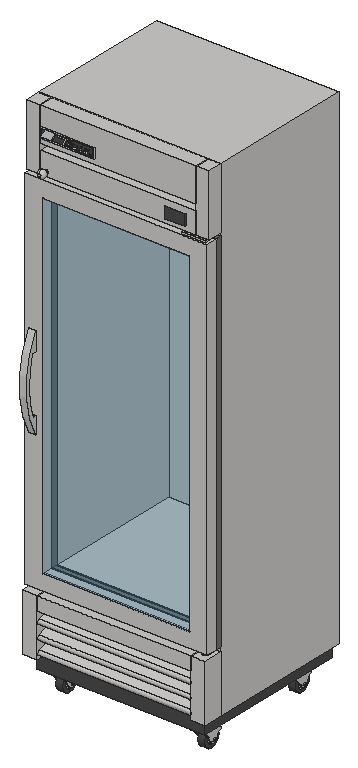
Revit family "QF_TRUE_T-19G-HC~FGD01", category Specialty Equipment, Revit 2015
Parameters
  Weight in Pounds = 275
  Watts = if(Phase = 3, Volts * FL Amps * 1.73, Volts * FL Amps)  # 253 W
  Volts = 115 V
  URL Cutsheet = ""
  Specification by User = ""
  Specification by Manufacturer = ""
  Show 6 Inches Standard Legs [instance] = no
  Show 6 Inches Seismic Flanged Legs [instance] = no
  Overall Height [instance] = Body Height + Base Height  # 78 15/16"
  Body Height = 75 1/2"
  6 Inches Seismic Flanged Legs [instance] = and(Show 6 Inches Seismic Flanged Legs, not(Show 3.5 Inches Casters))  # no
  6 Inches Standard Legs [instance] = and(Show 6 Inches Standard Legs, not(Show 3.5 Inches Casters))  # no
  Show 3.5 Inches Casters [instance] = if(Show 6 Inches Seismic Flanged Legs, Show 6 Inches Standard Legs, not(Show 6 Inches Standard Legs))  # yes
  Serial Number = ""
  Seismic Rating = ""
  SMACNA No = ""
  Revision Code = ""
  Phase = 1
  Number of Poles = 1
  NAFEM Spec ID Number = ""
  Model = "T-19G-HC~FGD01"
  Min Ckt Ampacity = 0 A
  Max Overcurrent Protection = 0 A
  Masterspec = ""
  Manufacturer = "TRUE"
  Length = 27"
  Item Number = ""
  Installed By = ""
  Identify Quantity as Lot = yes
  Height = 78 15/16"
  HP = "1/4"
  Furnished By = ""
  Foodservice Equipment Identifier = yes
  FL Amps = 2.2 A
  Electrical Remarks = ""
  Electric Connection Type = ""
  Elec Conn RI Height = 0"
  Elec Conn Connection Height = 0"
  Description = "REACH-IN GLASS SWING DOOR REFRIGERATOR WITH HYDROCARBON REFRIGERANT~FRAMED GLASS DOOR VERSION 01"
  Depth = 26 13/16"
  Cycle = 60 Hz
  Conn Plug = "NEMA 5-15P"
  Conn Conduit = yes
  CSI MasterFormat = ""
  Base Height [instance] = if(Show 3.5 Inches Casters, 3 7/16", 6")  # 3 7/16"
  Apparent Power = if(Phase = 3, Volts * FL Amps * 1.73, Volts * FL Amps)  # 253 VA
Reference planes (in)
  plane 1 "BACK": y = 0
  plane 2: z = 0
  plane 3 "LEFT": x = 0
  plane 4 "RIGHT": x = 27
  plane 5 "FRONT": y = -26.8125
  plane 6 "TOP": z = 3.4375
  plane 7 "Center Y": x = 13.5
  plane 8 "Center X": y = -13.40625
  plane 9: x = 24.01346
  plane 10: z = 78.9375
Dimensions and locks (in)
  equal spacing: plane 3 "LEFT", plane 7 "Center Y", plane 4 "RIGHT"
  "Length": plane 3 "LEFT" to plane 4 "RIGHT"
  equal spacing: plane 5 "FRONT", plane 8 "Center X", plane 1 "BACK"
  "Depth": plane 5 "FRONT" to plane 1 "BACK"
  "Base Height": plane 6 "TOP" to level
  "Body Height": plane 10 to plane 6 "TOP"
  "Overall Height": plane 10 to plane 2
  aligned and locked: plane 2 to level
  aligned and locked: nested 1 to plane 6 "TOP"
Nested families (in)
  nested 1: "QF_TRUE_T-19G-HC-FGD01" at (0, 0, 3.4375), type "T-19G-HCFGD01"
    with Show Logo yes, Show Clearance yes
  nested 2: "RANDELL_L6_C3.5" at (2.98654, -21.77779, 0), Show 6 Inches Legs <- "6 Inches Standard Legs", Show 3.5 Inches Casters <- "Show 3.5 Inches Casters", Seismic Flanged <- "6 Inches Seismic Flanged Legs", type "RANDELL_L6_C3.5"
    with Type Mark "", Specification by User "", Show Key Lock no, Show 6 Inches Legs no, Show 3.5 Inches Casters yes, Seismic Flanged no, Revision Code "", Item Number "", Installed By "", Identify Quantity as Lot yes, Furnished By "", Foodservice Equipment Identifier yes, Base Height 6"
  nested 3: "RANDELL_L6_C3.5" at (24.01346, -21.77779, 0), Show 6 Inches Legs <- "6 Inches Standard Legs", Show 3.5 Inches Casters <- "Show 3.5 Inches Casters", Seismic Flanged <- "6 Inches Seismic Flanged Legs", type "RANDELL_L6_C3.5"
    with Type Mark "", Specification by User "", Show Key Lock no, Show 6 Inches Legs no, Show 3.5 Inches Casters yes, Seismic Flanged no, Revision Code "", Item Number "", Installed By "", Identify Quantity as Lot yes, Furnished By "", Foodservice Equipment Identifier yes, Base Height 6"
  nested 4: "RANDELL_L6_C3.5" at (2.98654, -5.03471, 0), Show 6 Inches Legs <- "6 Inches Standard Legs", Show 3.5 Inches Casters <- "Show 3.5 Inches Casters", Seismic Flanged <- "6 Inches Seismic Flanged Legs", type "RANDELL_L6_C3.5"
    with Type Mark "", Specification by User "", Show Key Lock no, Show 6 Inches Legs no, Show 3.5 Inches Casters yes, Seismic Flanged no, Revision Code "", Item Number "", Installed By "", Identify Quantity as Lot yes, Furnished By "", Foodservice Equipment Identifier yes, Base Height 6"
  nested 5: "RANDELL_L6_C3.5" at (24.01346, -5.03471, 0), Show 6 Inches Legs <- "6 Inches Standard Legs", Show 3.5 Inches Casters <- "Show 3.5 Inches Casters", Seismic Flanged <- "6 Inches Seismic Flanged Legs", type "RANDELL_L6_C3.5"
    with Type Mark "", Specification by User "", Show Key Lock no, Show 6 Inches Legs no, Show 3.5 Inches Casters yes, Seismic Flanged no, Revision Code "", Item Number "", Installed By "", Identify Quantity as Lot yes, Furnished By "", Foodservice Equipment Identifier yes, Base Height 6"
Connectors (in)
  electrical at (12.40625, 0.25, 5.87463), driven by "Volts", driven by "Watts"
    settings: on nested 1, index 1, voltage 115 V, apparent load 253 VA, apparent load phase1 0 VA, apparent load phase2 0 VA, apparent load phase3 0 VA, power factor 1, load classification "Other", number of poles 1, system type 30, power factor state 1, is connector primary yes, connector utility no, sub classification motor no, connector description "ELECTRICAL CONNECTION"
Definition of nested family "QF_TRUE_T-19G-HC-FGD01"
  Parameters (values of type "T-19G-HCFGD01")
    Weight in Pounds = 0
    Watts = if(Phase = 3, Volts * FL Amps * 1.73, Volts * FL Amps)  # 0 W
    Volts = 0 V
    URL Cutsheet = ""
    Specification by User = ""
    Specification by Manufacturer = ""
    Show Logo [instance] = yes
    Show Clearance [instance] = yes
    Serial Number = ""
    Seismic Rating = ""
    SMACNA No = ""
    Revision Code = ""
    Phase = 0
    Number of Poles = 1
    NAFEM Spec ID Number = ""
    Model = "T-12FG-HC~FGD01"
    Min Ckt Ampacity = 0 A
    Max Overcurrent Protection = 0 A
    Masterspec = ""
    Manufacturer = "TRUE"
    Length = 27"
    Item Number = ""
    Installed By = ""
    Identify Quantity as Lot = yes
    Height = 75 1/2"
    HP = ""
    Furnished By = ""
    Foodservice Equipment Identifier = yes
    FL Amps = 0 A
    Electrical Remarks = ""
    Electric Connection Type = ""
    Elec Conn RI Height = 0"
    Elec Conn Connection Height = 0"
    Description = ""
    Depth = 26 13/16"
    Cycle = 0 Hz
    Conn Plug = ""
    Conn Conduit = yes
    CSI MasterFormat = ""
    Apparent Power = if(Phase = 3, Volts * FL Amps * 1.73, Volts * FL Amps)  # 0 VA
  Reference planes (in)
    plane 1 "BACK": y = 0
    plane 2: z = 0
    plane 3 "LEFT": x = 0
    plane 4 "RIGHT": x = 27
    plane 5 "FRONT": y = -26.8125
    plane 6 "TOP": z = 75.5
    plane 7 "Center Y": x = 13.5
    plane 8 "Center X": y = -13.40625
    plane 9: y = -24.5
    plane 10: y = -50.21875
  Forms (in)
    Extrusion 1, solid
      sketch origin (0, 0, -3.4375) x (0, 1, 0) y (0, 0, 1)
        loop
          line (-23.89755, 5.6875) -> (-23.89755, 3.4375) -> (-0.49192, 3.4375) -> (-0.49192, 5.6875) -> (-23.89755, 5.6875)
      from 1.05258 to 25.94742
    Extrusion 2, solid
      sketch origin (0, 0, 59.09193) x (0, 0, -1) y (-1, 0, 0)
        loop
          circle (56.6548, -12.40625) r 0.25
      from 0 to 0.25
    Extrusion 3, solid
      sketch origin (0, -22.25, 2.25) x (0, 0, 1) y (-1, 0, 0)
        loop
          line (9.12447, 0) -> (9.12447, -27) -> (63.62685, -27) -> (63.62685, 0) -> (9.12447, 0)
        loop
          line (11.37447, -2.57422) -> (11.37447, -24.42578) -> (61.30263, -24.42578) -> (61.30263, -2.57422) -> (11.37447, -2.57422)
      from 0.88884 to 2.57713
    Extrusion 4, solid
      sketch origin (0, -11.5, -3.4375) x (0, 1, 0) y (0, 0, 1)
        loop
          line (-13.71875, 14.1539) -> (-13.71875, 12.11379) -> (-10.75, 12.11379) -> (-10.75, 14.1539) -> (-13.71875, 14.1539)
        loop
          line (-13.20993, 6.1461) -> (-10.75, 7.09038) -> (-10.75, 7.89373) -> (-13.4787, 6.84628)
          arc (-13.4787, 6.84628) -> (-13.69441, 6.3618) -> (-13.20993, 6.1461) r 0.375
        loop
          line (-13.20993, 10.25547) -> (-10.75, 11.19975) -> (-10.75, 12.00311) -> (-13.4787, 10.95566)
          arc (-13.4787, 10.95566) -> (-13.69441, 10.47118) -> (-13.20993, 10.25547) r 0.375
        loop
          line (-13.20993, 8.19586) -> (-10.75, 9.14013) -> (-10.75, 9.94349) -> (-13.4787, 8.89604)
          arc (-13.4787, 8.89604) -> (-13.69441, 8.41156) -> (-13.20993, 8.19586) r 0.375
      from 2.10981 to 24.89019
    Extrusion 5, solid
      sketch origin (0, -24.82713, 2.25) x (0, 0, 1) y (-1, 0, 0)
        loop
          line (61.30263, -2.57422) -> (11.37447, -2.57422) -> (11.37447, -24.42578) -> (61.30263, -24.42578) -> (61.30263, -2.57422)
      from 0 to -0.25
    Extrusion 6, solid
      sketch origin (27, -22.25, 11.37447) x (0, 1, 0) y (1, 0, 0)
        loop
          line (0, -1.157) -> (0, -0.21392) -> (-2.06523, -0.25589)
          arc (-2.06523, -0.25589) -> (-2.48736, -0.68546) -> (-2.06523, -1.11503) r 0.42963
          line (-2.06523, -1.11503) -> (0, -1.157)
        loop
          circle (-2.05773, -0.68546) r 0.25
      from 0 to 0.22057
    Extrusion 7, solid
      sketch origin (27, -22.25, 11.37447) x (0, 1, 0) y (1, 0, 0)
        loop
          circle (-2.05773, -0.68546) r 0.25
      from 0 to 0.31257
    Extrusion 8, solid
      sketch origin (0, 0, -3.4375) x (0, 1, 0) y (0, 0, 1)
        loop
          line (-24.5, 78.9375) -> (-24.5, 69.80912) -> (-22.25, 69.80912) -> (-22.25, 78.9375) -> (-24.5, 78.9375)
      from 0 to 1.90515
    Extrusion 9, solid
      sketch origin (0, 0, -3.4375) x (0, 1, 0) y (0, 0, 1)
        loop
          line (-24.5, 72.9375) -> (-24.5, 69.80912) -> (-22.25, 69.80912) -> (-22.25, 72.9375) -> (-24.5, 72.9375)
        loop
          line (-24.5, 73.9375) -> (-22.25, 73.9375) -> (-22.25, 78.9375) -> (-24.5, 78.9375) -> (-24.5, 73.9375)
      from 1.90515 to 25.09485
    Extrusion 10, solid
      sketch origin (2.625, -12.48036, 55.03916) x (0, 0, 1) y (0, 1, 0)
        loop
          arc (-12.00573, -13.36969) -> (-16.29868, -13.98814) -> (-20.56823, -13.2247) r 13.61111
          line (-20.56823, -13.2247) -> (-20.56823, -12.68605) -> (-23.11286, -12.68605)
          arc (-23.11286, -12.68605) -> (-16.19922, -14.33214) -> (-9.28558, -12.68605) r 15.34178
          line (-9.28558, -12.68605) -> (-12.00573, -12.68605) -> (-12.00573, -13.36969)
      from 0.77133 to 1.84742
    Extrusion 11, solid
      sketch origin (0, 9.5, -0.60715) x (0, -1, 0) y (0, 0, 1)
        loop
          line (31.76964, 11.32355) -> (31.76964, 2.85715) -> (34.73839, 2.85715) -> (34.73839, 11.32355) -> (31.76964, 11.32355)
      from -2.10981 to 0
    Revolve 12, solid
      sketch origin (2.8125, 0.58969, -3.15625) x (0, 1, 0) y (0, 0, 1)
        loop
          line (-26.21193, 70.08568) -> (-25.08969, 70.08568) -> (-25.08969, 70.38048) -> (-25.29687, 70.38048) -> (-25.29687, 70.44449) -> (-25.41402, 70.44449)
          arc (-25.41402, 70.44449) -> (-25.84599, 70.63218) -> (-26.21193, 70.33568) r 0.45393
          line (-26.21193, 70.33568) -> (-26.21193, 70.08568)
        axis (-26.21193, 70.08568) -> (-25.08969, 70.08568)
      angle from 0 to 360
    Extrusion 13, solid
      sketch origin (0, 0, -3.4375) x (0, 1, 0) y (0, 0, 1)
        loop
          line (0, 17.70886) -> (-0.49192, 17.70886) -> (-0.49192, 7.1875) -> (0, 7.1875) -> (0, 17.70886)
        loop
          line (-0.5, 7.08999) -> (-0.5, 4.13763) -> (0, 4.13763) -> (0, 7.08999) -> (-0.5, 7.08999)
      from 1.05258 to 23.84813
    Extrusion 14, solid
      sketch origin (0, -24.5, 70.5) x (0, 0, 1) y (-1, 0, 0)
        loop
          line (-1.87607, -20.5494) -> (-3.51594, -20.5494) -> (-3.51594, -23.49734) -> (-1.87607, -23.49734) -> (-1.87607, -20.5494)
      from 0 to 0.0625
    Extrusion 15, solid, visible <- "Show Clearance", detail levels coarse
      sketch origin (0, 0, 0) x (1, 0, 0) y (0, 1, 0)
        loop
          arc (0.00341, -24.82713) -> (7.9222, -43.43579) -> (27, -50.14599) r 25.07217
          line (27, -50.14599) -> (27, -24.82713) -> (0.00341, -24.82713)
      from 11.37447 to 65.87685
    Revolve 16, solid
      sketch origin (11.9375, 0, 5) x (1, 0, 0) y (0, 1, 0)
        loop
          line (11.08374, 0) -> (11.52576, 0) -> (11.52576, 0.2304) -> (11.08374, 0.2304) -> (11.08374, 0)
        axis (11.08374, 0) -> (11.08374, 0.2304)
      angle from 0 to 360
    Revolve 17, solid
      sketch origin (12.875, 0, 5) x (-1, 0, 0) y (0, -1, 0)
        loop
          line (11.08374, 0) -> (11.08374, -0.2304) -> (11.52576, -0.2304) -> (11.52576, 0) -> (11.08374, 0)
        axis (11.08374, 0) -> (11.08374, -0.2304)
      angle from 0 to 360
    Extrusion 18, solid
      sketch origin (27, 0, 0) x (0, -1, 0) y (0, 0, 1)
        loop
          line (24.5, 75.5) -> (22.25, 75.5) -> (22.25, 66.37162) -> (24.5, 66.37162) -> (24.5, 75.5)
      from 0 to 1.90515
    Extrusion 19, solid
      sketch origin (27, 9.5, -0.60715) x (0, -1, 0) y (0, 0, -1)
        loop
          line (31.76964, -11.32355) -> (34.73839, -11.32355) -> (34.73839, -2.85715) -> (31.76964, -2.85715) -> (31.76964, -11.32355)
      from -2.10981 to 0
    Extrusion 20, solid
      sketch origin (1.96409, -21.90625, 65.87685) x (1, 0, 0) y (0, 1, 0)
        loop
          line (24.5625, -1.62139) -> (21.0974, -1.62139) -> (21.0974, -2.6725) -> (24.5625, -2.6725) -> (24.5625, -1.62139)
        loop
          circle (24.12704, -2.16728) r 0.25
        loop
          circle (22.47678, -2.15567) r 0.25
        loop
          circle (21.47678, -2.15567) r 0.25
      from 0 to 0.22057
    Extrusion 21, solid
      sketch origin (1.96409, -21.90625, 65.87685) x (1, 0, 0) y (0, 1, 0)
        loop
          circle (22.47678, -2.15567) r 0.25
        loop
          circle (21.47678, -2.15567) r 0.25
      from 0 to 0.31015
    Extrusion 22, solid
      sketch origin (1.96409, -21.90625, 65.87685) x (1, 0, 0) y (0, 1, 0)
        loop
          circle (24.12704, -2.16728) r 0.25
      from 0 to 0.49477
    Extrusion 23, solid
      sketch origin (26.77659, -22.25, 66.37162) x (-1, 0, 0) y (0, 1, 0)
        loop
          line (0.22917, -2.35477) -> (1.22917, -2.35477) -> (1.18806, 0) -> (0.27027, 0) -> (0.22917, -2.35477)
        loop
          circle (0.6841, -1.82353) r 0.25
      from 0 to 0.1875
    Extrusion 24, solid
      sketch origin (0, -22.25, 2.25) x (0, 0, 1) y (-1, 0, 0)
        loop
          line (63.62685, -27) -> (63.62685, 0) -> (9.12447, 0) -> (9.12447, -27) -> (63.62685, -27)
        loop
          line (61.30263, -2.57422) -> (11.37447, -2.57422) -> (11.37447, -24.42578) -> (61.30263, -24.42578) -> (61.30263, -2.57422)
      from 0 to 0.88884
    Extrusion 25, solid
      sketch origin (0, -0.5, 75.5) x (0, 0, -1) y (-1, 0, 0)
        loop
          line (0, 0) -> (0, -27) -> (73.25, -27) -> (73.25, 0) -> (0, 0)
        loop
          line (11.94737, -2.57422) -> (11.94737, -24.42578) -> (61.87553, -24.42578) -> (61.87553, -2.57422) -> (11.94737, -2.57422)
      from 0 to -21.75
    Extrusion 26, solid
      sketch origin (0, -0.5, 75.5) x (0, 0, -1) y (-1, 0, 0)
        loop
          line (11.94737, -2.57422) -> (11.94737, -24.42578) -> (61.87553, -24.42578) -> (61.87553, -2.57422) -> (11.94737, -2.57422)
      from 0 to -1
  Cuts and joins
    joined: Extrusion 25, Extrusion 26
  Lines and regions (in)
    symbolic lines
      curve 1: line (0, -0.5, 0) -> (27, -0.5, 0)
      curve 2: line (0, -24.82713, 0) -> (0, -0.5, 0)
      curve 3: line (27, -24.82713, 0) -> (0, -24.82713, 0)
      curve 4: line (27, -0.5, 0) -> (27, -24.82713, 0)
      curve 5: line (1.05258, 0, 0) -> (1.05258, -0.5, 0)
      curve 6: line (1.05258, 0, 0) -> (23.84813, 0, 0)
      curve 7: line (23.84813, 0, 0) -> (23.84813, -0.5, 0)
      curve 8: line (0.77758, -25.23839, 0) -> (0.77758, -26.8125, 0)
      curve 9: line (0.77758, -26.8125, 0) -> (1.85367, -26.8125, 0)
      curve 10: line (1.85367, -26.8125, 0) -> (1.85367, -25.23839, 0)
      curve 11: line (2.10981, -25.23839, 0) -> (0, -25.23839, 0)
      curve 12: line (0, -25.23839, 0) -> (0, -24.82713, 0)
      curve 13: line (2.10981, -25.23839, 0) -> (2.10981, -24.82713, 0)
      curve 14: line (22.70269, -25.23839, 0) -> (27, -25.23839, 0)
      curve 15: line (27, -25.23839, 0) -> (27, -24.82713, 0)
      curve 16: line (22.70269, -25.23839, 0) -> (22.70269, -24.82713, 0)
      curve 17: line (22.70269, -25.21875, 0) -> (2.10981, -25.21875, 0)
      curve 18: line (2.5177, -25.21875, 0) -> (2.5177, -25.29687, 0)
      curve 19: line (2.45369, -25.29687, 0) -> (3.17131, -25.29687, 0)
      curve 20: line (3.17131, -25.29687, 0) -> (3.17131, -25.41402, 0)
      curve 21: line (2.45369, -25.29687, 0) -> (2.45369, -25.41402, 0)
      curve 22: line (2.5625, -26.21193, 0) -> (3.0625, -26.21193, 0)
      curve 23: line (3.1073, -25.29687, 0) -> (3.1073, -25.21875, 0)
      curve 24: arc (2.45369, -25.41402, 0) -> (2.27015, -25.84542, 0) -> (2.5625, -26.21193, 0) r 0.45763
      curve 25: arc (3.17131, -25.41402, 0) -> (3.36211, -25.84641, 0) -> (3.0625, -26.21193, 0) r 0.4513
      curve 26: line (0, -24.5, 0) -> (27, -24.5, 0)
      curve 27: arc (0.00341, -24.82713, 0) -> (0.9035, -31.81305, 0) -> (3.71121, -38.27292, 0) r 25.07217
      curve 28: line (0, -22.25, 0) -> (27, -22.25, 0)
      curve 29: line (3.71121, -38.27292, 0) -> (27, -24.82713, 0)
      curve 30: line (1.90515, -22.25, 0) -> (1.90515, -24.5, 0)
      curve 31: line (25.09485, -22.25, 0) -> (25.09485, -24.5, 0)
  Dimensions and locks (in)
    equal spacing: plane 3 "LEFT", plane 7 "Center Y", plane 4 "RIGHT"
    "Length": plane 3 "LEFT" to plane 4 "RIGHT"
    equal spacing: plane 5 "FRONT", plane 8 "Center X", plane 1 "BACK"
    "Depth": plane 5 "FRONT" to plane 1 "BACK"
    "Height": plane 6 "TOP" to level
    plane 5 "FRONT" to plane 1 "BACK" = 26 13/16"
    plane 9 to plane 1 "BACK" = 24 1/2"
    plane 10 to plane 1 "BACK" = 50 7/32"
    plane 4 "RIGHT" to plane 3 "LEFT" = 27"
    aligned and locked: level to plane 2
  Automatic sketch dimensions
    Extrusion 1 sketch curve to level = 0"
    plane 9 to Extrusion 1 sketch curve = 0.60245"
    plane 1 "BACK" to Extrusion 1 sketch curve = 0.49192"
    level to Extrusion 1 sketch curve = 2 1/4"
    Extrusion 2 sketch curve to plane 7 "Center Y" = 1 3/32"
    level to Extrusion 2 sketch curve = 2.43713"
    Extrusion 3 sketch curve to Extrusion 3 sketch curve = 2 1/4"
    Extrusion 3 sketch curve to Extrusion 3 sketch curve = 2 83/256"
    Extrusion 4 sketch curve to plane 9 = 23/32"
    Extrusion 4 sketch curve to plane 9 = 0.4787"  (x3)
    Extrusion 4 sketch curve to plane 9 = 0.34431"  (x3)
    Extrusion 4 sketch curve to plane 9 = 0.20993"  (x3)
    plane 9 to Extrusion 4 sketch curve = 2 1/4"  (x2)
    Extrusion 4 sketch curve to Extrusion 4 sketch curve = 0"  (x2)
    level to Extrusion 4 sketch curve = 2.7086"
    Extrusion 4 sketch curve to Extrusion 4 sketch curve = 0.35009"  (x3)
    Extrusion 4 sketch curve to Extrusion 4 sketch curve = 0.94428"
    Extrusion 4 sketch curve to Extrusion 4 sketch curve = 0.80336"  (x3)
    Extrusion 4 sketch curve to Extrusion 4 sketch curve = 1.34957"
    Extrusion 4 sketch curve to Extrusion 4 sketch curve = 1.2464"
    Extrusion 4 sketch curve to Extrusion 4 sketch curve = 1.35943"
    Extrusion 4 sketch curve to Extrusion 4 sketch curve = 1.25626"
    Extrusion 4 sketch curve to Extrusion 4 sketch curve = 0.11068"
    Extrusion 4 sketch curve to Extrusion 4 sketch curve = 2.04012"
    Extrusion 5 sketch curve to Extrusion 3 = 0"  (x4)
    Extrusion 6 sketch curve to Extrusion 6 sketch curve = 0"  (x2)
    Extrusion 6 sketch curve to Extrusion 3 = 0.51191"  (x2)
    Extrusion 6 sketch curve to Extrusion 3 = 0.25589"
    Extrusion 6 sketch curve to Extrusion 6 sketch curve = 0.0075"
    Extrusion 3 to Extrusion 6 sketch curve = 0.88884"
    Extrusion 6 sketch curve to Extrusion 3 = 0.21392"
    Extrusion 6 sketch curve to Extrusion 6 sketch curve = 0.42957"
    Extrusion 6 sketch curve to Extrusion 6 sketch curve = 0.94308"
    Extrusion 7 sketch curve to Extrusion 3 = 0.5194"
    Extrusion 7 sketch curve to Extrusion 3 = 0.68546"
    Extrusion 8 sketch curve to plane 9 = 0"
    Extrusion 8 sketch curve to plane 6 "TOP" = 0"
    Extrusion 8 sketch curve to Extrusion 8 sketch curve = 2 1/4"
    Extrusion 8 sketch curve to Extrusion 8 sketch curve = 9.12838"
    Extrusion 9 sketch curve to plane 9 = 0"  (x2)
    Extrusion 9 sketch curve to plane 6 "TOP" = 0"
    plane 9 to Extrusion 9 sketch curve = 2 1/4"
    Extrusion 9 sketch curve to Extrusion 9 sketch curve = 0"
    Extrusion 9 sketch curve to Extrusion 9 sketch curve = 5"
    Extrusion 9 sketch curve to Extrusion 9 sketch curve = 1"
    Extrusion 9 sketch curve to Extrusion 9 sketch curve = 3.12838"
    Extrusion 10 sketch curve to plane 9 = 0.66641"  (x2)
    level to Extrusion 10 sketch curve = 31.9263"
    Extrusion 10 sketch curve to Extrusion 10 sketch curve = 2.54463"
    plane 8 "Center X" to Extrusion 10 sketch curve = 1.93553"
    Extrusion 10 sketch curve to Extrusion 10 sketch curve = 4.36901"
    plane 8 "Center X" to Extrusion 10 sketch curve = 0.54691"
    Extrusion 10 sketch curve to Extrusion 10 sketch curve = 0.13099"
    Extrusion 10 sketch curve to plane 5 "FRONT" = 0.96245"
    Extrusion 10 sketch curve to Extrusion 10 sketch curve = 8 9/16"
    plane 9 to Extrusion 11 sketch curve = 2.23036"
    Extrusion 11 sketch curve to plane 9 = 0.73839"
    level to Extrusion 11 sketch curve = 2 1/4"
    Extrusion 11 sketch curve to Extrusion 11 sketch curve = 8.4664"
    Revolve 12 sketch curve to plane 5 "FRONT" = 1.19026"
    Revolve 12 sketch curve to Revolve 12 sketch curve = 0.42727"
    Revolve 12 sketch curve to Revolve 12 sketch curve = 0.37064"
    Revolve 12 sketch curve to Revolve 12 sketch curve = 0.11714"
    Revolve 12 sketch curve to Revolve 12 sketch curve = 0.20718"
    Revolve 12 sketch curve to plane 6 "TOP" = 8.57057"
    Revolve 12 sketch curve to Revolve 12 sketch curve = 0.09674"
    Revolve 12 sketch curve to Revolve 12 sketch curve = 1/4"
    Revolve 12 sketch curve to Revolve 12 sketch curve = 0.064"
    Revolve 12 sketch curve to Revolve 12 sketch curve = 0"  (x2)
    plane 9 to Revolve 12 sketch curve = 0.62631"
    Extrusion 13 sketch curve to plane 1 "BACK" = 0"  (x2)
    plane 1 "BACK" to Extrusion 13 sketch curve = 0.49192"
    plane 1 "BACK" to Extrusion 13 sketch curve = 1/2"
    level to Extrusion 13 sketch curve = 0.70013"
    Extrusion 13 sketch curve to Extrusion 13 sketch curve = 2.95236"
    Extrusion 13 sketch curve to Extrusion 13 sketch curve = 0.09751"
    Extrusion 13 sketch curve to Extrusion 13 sketch curve = 10.52136"
    Extrusion 9 to Extrusion 14 sketch curve = 3.51594"
    Extrusion 14 sketch curve to Extrusion 14 sketch curve = 1.63987"
    Extrusion 9 to Extrusion 14 sketch curve = 1.59751"
    Extrusion 14 sketch curve to Extrusion 14 sketch curve = 2.94794"
    plane 10 to Extrusion 15 sketch curve = 0.07276"
    plane 3 "LEFT" to Extrusion 15 sketch curve = 0.00341"
    plane 4 "RIGHT" to Extrusion 15 sketch curve = 0"
    Extrusion 15 sketch curve to Extrusion 15 sketch curve = 1.92647"
    Extrusion 15 sketch curve to Extrusion 15 sketch curve = 24.99805"
    plane 1 "BACK" to Revolve 16 sketch curve = 0"
    plane 4 "RIGHT" to Revolve 16 sketch curve = 3.97876"
    Revolve 16 sketch curve to Revolve 16 sketch curve = 0.44201"
    Revolve 16 sketch curve to plane 1 "BACK" = 0.2304"
    Revolve 16 sketch curve to Revolve 16 sketch curve = 0"
    Revolve 16 sketch curve to Revolve 16 sketch curve = 0.01807"
    Revolve 16 sketch curve to Revolve 16 sketch curve = 0.16499"
    plane 1 "BACK" to Revolve 17 sketch curve = 0"
    plane 3 "LEFT" to Revolve 17 sketch curve = 1.79126"
    Revolve 17 sketch curve to Revolve 17 sketch curve = 0.44201"
    Revolve 17 sketch curve to plane 1 "BACK" = 0.2304"
    Revolve 17 sketch curve to Revolve 17 sketch curve = 0"
    Revolve 17 sketch curve to Revolve 17 sketch curve = 0.01807"
    Revolve 17 sketch curve to Revolve 17 sketch curve = 0.16499"
    Extrusion 18 sketch curve to plane 6 "TOP" = 0"
    Extrusion 18 sketch curve to plane 9 = 0"
    Extrusion 18 sketch curve to Extrusion 18 sketch curve = 2 1/4"
    Extrusion 18 sketch curve to Extrusion 18 sketch curve = 9.12838"
    plane 9 to Extrusion 19 sketch curve = 2.23036"
    Extrusion 19 sketch curve to plane 9 = 0.73839"
    level to Extrusion 19 sketch curve = 10.7164"
    level to Extrusion 19 sketch curve = 2 1/4"
    Extrusion 20 sketch curve to plane 9 = 0.07875"
    plane 4 "RIGHT" to Extrusion 20 sketch curve = 3.93851"
    Extrusion 20 sketch curve to Extrusion 20 sketch curve = 0.37938"
    plane 9 to Extrusion 20 sketch curve = 0.43808"  (x2)
    Extrusion 20 sketch curve to Extrusion 20 sketch curve = 1"
    plane 9 to Extrusion 20 sketch curve = 0.42647"
    plane 4 "RIGHT" to Extrusion 20 sketch curve = 0.90887"
    plane 4 "RIGHT" to Extrusion 20 sketch curve = 0.47341"
    Extrusion 20 sketch curve to Extrusion 20 sketch curve = 0.53428"
    plane 9 to Extrusion 21 sketch curve = 0.43808"  (x2)
    plane 4 "RIGHT" to Extrusion 21 sketch curve = 3.55913"
    Extrusion 21 sketch curve to Extrusion 21 sketch curve = 1"
    Extrusion 22 sketch curve to Extrusion 22 sketch curve = 0"  (x2)
    plane 9 to Extrusion 22 sketch curve = 0.42647"
    plane 4 "RIGHT" to Extrusion 22 sketch curve = 0.90887"
    Extrusion 22 sketch curve to Extrusion 22 sketch curve = 1/4"
    Extrusion 23 sketch curve to plane 9 = 0.10477"
    plane 4 "RIGHT" to Extrusion 23 sketch curve = 0.45257"
    plane 4 "RIGHT" to Extrusion 23 sketch curve = 0.49368"
    Extrusion 23 sketch curve to Extrusion 23 sketch curve = 0.45494"
    Extrusion 23 sketch curve to Extrusion 23 sketch curve = 0.91779"
    Extrusion 23 sketch curve to Extrusion 23 sketch curve = 0.54506"
    plane 9 to Extrusion 23 sketch curve = 0.42647"
    Extrusion 23 sketch curve to Extrusion 23 sketch curve = 1.82353"
    Extrusion 24 sketch curve to Extrusion 24 sketch curve = 2 1/4"
    Extrusion 24 sketch curve to Extrusion 24 sketch curve = 2 83/256"
    plane 4 "RIGHT" to Extrusion 3 sketch curve = 0"
    Extrusion 3 sketch curve to plane 3 "LEFT" = 0"
    level to Extrusion 3 sketch curve = 11.37447"
    plane 3 "LEFT" to Extrusion 3 sketch curve = 2 147/256"
    Extrusion 3 sketch curve to plane 6 "TOP" = 11.94737"
    plane 4 "RIGHT" to Extrusion 3 sketch curve = 2 147/256"
    Extrusion 24 sketch curve to plane 3 "LEFT" = 0"
    plane 4 "RIGHT" to Extrusion 24 sketch curve = 0"
    level to Extrusion 24 sketch curve = 11.37447"
    plane 4 "RIGHT" to Extrusion 24 sketch curve = 2 147/256"
    Extrusion 24 sketch curve to plane 6 "TOP" = 11.94737"
    plane 3 "LEFT" to Extrusion 24 sketch curve = 2 147/256"
    plane 4 "RIGHT" to Extrusion 25 sketch curve = 0"
    Extrusion 25 sketch curve to plane 6 "TOP" = 0"
    Extrusion 25 sketch curve to plane 3 "LEFT" = 0"
    plane 3 "LEFT" to Extrusion 25 sketch curve = 2 147/256"
    Extrusion 25 sketch curve to plane 6 "TOP" = 11.94737"
    level to Extrusion 25 sketch curve = 13.62447"
    level to Extrusion 25 sketch curve = 2 1/4"
    plane 4 "RIGHT" to Extrusion 25 sketch curve = 2 147/256"
    Extrusion 26 sketch curve to Extrusion 25 = 0"  (x3)
    Extrusion 25 to Extrusion 26 sketch curve = 0"
    curve 1 to plane 3 "LEFT" = 0"
    plane 5 "FRONT" to curve 9 = 0"
    plane 1 "BACK" to curve 5 = 0"
    curve 31 to plane 9 = 0"
    curve 14 to plane 4 "RIGHT" = 0"
    plane 3 "LEFT" to curve 9 = 0.77758"
    plane 3 "LEFT" to curve 5 = 1.05258"
    curve 8 to curve 9 = 1.07609"
    curve 10 to curve 11 = 0.25614"
    curve 11 to curve 21 = 0.34388"
    curve 24 to curve 22 = 0.10881"
    curve 24 to curve 24 = 0.26989"
    curve 24 to curve 25 = 0.19137"
    curve 25 to curve 22 = 0.14755"
    curve 25 to curve 20 = 0.25636"
    plane 3 "LEFT" to curve 29 = 3.71121"
    curve 16 to plane 9 = 0.73839"
    plane 4 "RIGHT" to curve 16 = 4.29731"
    plane 4 "RIGHT" to curve 7 = 3.15187"
    curve 27 to plane 9 = 0.64794"
    plane 4 "RIGHT" to curve 27 = 1.92647"
    plane 5 "FRONT" to curve 29 = 11.46042"
    curve 22 to plane 5 "FRONT" = 0.60057"
    curve 22 to curve 25 = 0.42649"
    curve 25 to curve 24 = 0.00184"
    curve 21 to curve 21 = 0.11714"
    curve 12 to plane 9 = 0.73839"
    curve 15 to plane 9 = 0.32713"
    plane 1 "BACK" to curve 2 = 1/2"
    plane 3 "LEFT" to curve 27 = 0.00341"
    plane 3 "LEFT" to curve 30 = 1.90515"
    curve 19 to curve 18 = 0.064"
    curve 23 to curve 19 = 0.064"
    curve 27 to curve 31 = 0.02132"
    curve 11 to curve 17 = 0.01964"
    curve 26 to curve 28 = 2 1/4"
    radius of Extrusion 2 sketch curve = 1/4"
    radius of Extrusion 6 sketch curve = 1/4"
    radius of Extrusion 7 sketch curve = 1/4"
    radius of Extrusion 20 sketch curve = 1/4"  (x3)
    radius of Extrusion 21 sketch curve = 1/4"  (x2)
    radius of Extrusion 23 sketch curve = 1/4"
  Nested families (in)
    nested 1: "QF_LOGO_TRUE" at (1.90515, -24.5, 71.1875), Show Logo <- "Show Logo", type "QF_LOGO_TRUE", detail levels medium+fine
      with Show Logo yes
  Definition of nested family "QF_LOGO_TRUE"
    Parameters (values of type "QF_LOGO_TRUE")
      Show Logo [instance] = yes
    Reference planes (in)
      plane 1 "Center (Front/Back)": y = 0
      plane 2: z = 0
      plane 3 "Center (Left/Right)": x = 0
    Forms (in)
      Extrusion 1, solid, visible <- "Show Logo"
        sketch origin (-78.34647, 34.76905, -30.51001) x (1, 0, 0) y (0, 0, 1)
          loop
            line (81.15226, 31.65456) -> (81.07353, 31.48573) -> (82.12083, 31.48573)
            arc (82.12083, 31.48573) -> (82.14208, 31.44814) -> (82.12083, 31.41055) r 0.04386
            line (82.12083, 31.41055) -> (81.84767, 30.82478)
            arc (81.84767, 30.82478) -> (81.84531, 30.77052) -> (81.882, 30.73048) r 0.07096
            line (81.882, 30.73048) -> (82.55165, 30.73048)
            arc (82.55165, 30.73048) -> (82.63621, 30.75714) -> (82.69019, 30.82748) r 0.14742
            line (82.69019, 30.82748) -> (82.90515, 31.28847) -> (83.10265, 31.28847)
            arc (83.10265, 31.28847) -> (83.15447, 31.26942) -> (83.14697, 31.21472) r 0.04405
            line (83.14697, 31.21472) -> (82.9671, 30.82899)
            arc (82.9671, 30.82899) -> (82.9699, 30.76493) -> (83.02398, 30.73048) r 0.06943
            line (83.02398, 30.73048) -> (83.6124, 30.73048)
            arc (83.6124, 30.73048) -> (83.65748, 30.74689) -> (83.68147, 30.78844) r 0.07014
            arc (83.68147, 30.78844) -> (83.69845, 30.74745) -> (83.73943, 30.73048) r 0.05796
            line (83.73943, 30.73048) -> (84.112, 30.73048)
            arc (84.112, 30.73048) -> (84.15504, 30.74201) -> (84.18655, 30.77352) r 0.08608
            arc (84.18655, 30.77352) -> (84.20164, 30.7371) -> (84.23806, 30.72202) r 0.0515
            line (84.23806, 30.72202) -> (84.76757, 30.72202)
            arc (84.76757, 30.72202) -> (84.81086, 30.73995) -> (84.8288, 30.78324) r 0.06122
            arc (84.8288, 30.78324) -> (84.86848, 30.74355) -> (84.92269, 30.72903) r 0.10842
            line (84.92269, 30.72903) -> (85.91461, 30.72903) -> (86.02479, 30.91987) -> (85.0243, 30.91987)
            arc (85.0243, 30.91987) -> (84.99669, 30.93902) -> (84.99566, 30.97261) r 0.03732
            line (84.99566, 30.97261) -> (85.01297, 31.00972)
            arc (85.01297, 31.00972) -> (85.03954, 31.04453) -> (85.0813, 31.05774) r 0.07263
            line (85.0813, 31.05774) -> (85.40289, 31.05774)
            arc (85.40289, 31.05774) -> (85.4723, 31.07633) -> (85.52311, 31.12715) r 0.13882
            line (85.52311, 31.12715) -> (85.61625, 31.28847)
            arc (85.61625, 31.28847) -> (85.61625, 31.37458) -> (85.54168, 31.41763) r 0.08611
            line (85.54168, 31.41763) -> (85.20227, 31.41763)
            arc (85.20227, 31.41763) -> (85.11574, 31.40294) -> (85.05538, 31.33923) r 0.13863
            line (85.05538, 31.33923) -> (84.89409, 30.99333)
            arc (84.89409, 30.99333) -> (84.84649, 30.9313) -> (84.77191, 30.90778) r 0.13002
            line (84.77191, 30.90778) -> (84.41984, 30.90778)
            arc (84.41984, 30.90778) -> (84.3777, 30.95378) -> (84.38042, 31.0161) r 0.08151
            line (84.38042, 31.0161) -> (84.56766, 31.41763) -> (84.44849, 31.41763) -> (84.25012, 30.99222)
            arc (84.25012, 30.99222) -> (84.21158, 30.94199) -> (84.15119, 30.92296) r 0.10527
            line (84.15119, 30.92296) -> (83.90842, 30.92296)
            arc (83.90842, 30.92296) -> (83.8674, 30.97642) -> (83.87619, 31.04323) r 0.08805
            line (83.87619, 31.04323) -> (84.05078, 31.41763) -> (83.92772, 31.41763) -> (83.72676, 30.98668)
            arc (83.72676, 30.98668) -> (83.68011, 30.94003) -> (83.61639, 30.92296) r 0.12745
            line (83.61639, 30.92296) -> (83.26484, 30.92296)
            arc (83.26484, 30.92296) -> (83.2017, 30.9524) -> (83.19563, 31.0218) r 0.06967
            line (83.19563, 31.0218) -> (83.31118, 31.26961) -> (83.47452, 31.26961)
            arc (83.47452, 31.26961) -> (83.50209, 31.35268) -> (83.56075, 31.41763) r 0.21289
            line (83.56075, 31.41763) -> (82.92244, 31.41763)
            arc (82.92244, 31.41763) -> (82.85151, 31.40191) -> (82.80242, 31.34834) r 0.12081
            line (82.80242, 31.34834) -> (82.6294, 30.9773)
            arc (82.6294, 30.9773) -> (82.58962, 30.93752) -> (82.53528, 30.92296) r 0.10869
            line (82.53528, 30.92296) -> (82.1542, 30.92296)
            arc (82.1542, 30.92296) -> (82.12446, 30.96315) -> (82.13012, 31.01283) r 0.06822
            line (82.13012, 31.01283) -> (82.38156, 31.48573) -> (83.01596, 31.48573) -> (83.09469, 31.65456) -> (82.46029, 31.65456) -> (82.53902, 31.8234) -> (82.31334, 31.8234) -> (82.23461, 31.65456) -> (81.15226, 31.65456)
          loop
            arc (85.15937, 31.26434) -> (85.13191, 31.25698) -> (85.1118, 31.23688) r 0.05494
            line (85.1118, 31.23688) -> (85.09547, 31.18665)
            arc (85.09547, 31.18665) -> (85.10304, 31.16837) -> (85.12133, 31.16079) r 0.02586
            line (85.12133, 31.16079) -> (85.39889, 31.16079)
            arc (85.39889, 31.16079) -> (85.41888, 31.16523) -> (85.43513, 31.1777) r 0.04731
            line (85.43513, 31.1777) -> (85.44863, 31.2402)
            arc (85.44863, 31.2402) -> (85.44466, 31.25693) -> (85.42914, 31.26434) r 0.01994
            line (85.42914, 31.26434) -> (85.15937, 31.26434)
          loop
            line (78.62961, 30.74125) -> (80.12032, 30.74125) -> (80.73891, 31.81268) -> (79.2482, 31.81268) -> (78.62961, 30.74125)
        from 34.76797 to 34.83173
      Extrusion 2, solid, visible <- "Show Logo"
        sketch origin (-142.84857, 34.75108, -33.3546) x (1, 0, 0) y (0, 0, 1)
          loop
            line (150.81107, 34.71978) -> (142.98607, 34.71978) -> (142.98607, 33.4921) -> (150.81107, 33.4921) -> (150.81107, 34.71978)
        from 34.75108 to 34.78125
      Extrusion 3, solid, visible <- "Show Logo"
        sketch origin (-142.84857, 34.75108, -33.3546) x (1, 0, 0) y (0, 0, 1)
          loop
            line (150.94857, 34.85727) -> (142.84857, 34.85727) -> (142.84857, 33.3546) -> (150.94857, 33.3546) -> (150.94857, 34.85727)
          loop
            line (142.98607, 34.71978) -> (142.98607, 33.4921) -> (150.81107, 33.4921) -> (150.81107, 34.71978) -> (142.98607, 34.71978)
        from 34.75108 to 34.81376
      Extrusion 4, solid, not visible
        sketch origin (121.45701, -16.5, 4.98235) x (1, 0, 0) y (0, 0, 1)
          loop
            line (25.20115, 35.89949) -> (25.20115, 33.96647) -> (30.95381, 33.96647) -> (30.95381, 35.89949) -> (25.20115, 35.89949)
        from 31.5 to 31.54261
      Extrusion 5, solid, not visible
        sketch origin (121.45701, -16.5, 4.98235) x (1, 0, 0) y (0, 0, 1)
          loop
            line (26.7387, 34.95472) -> (26.61492, 34.49276) -> (27.038, 34.49276)
            arc (27.038, 34.49276) -> (27.13117, 34.52484) -> (27.18485, 34.60749) r 0.15134
            arc (27.18485, 34.60749) -> (27.20396, 34.68138) -> (27.22435, 34.75493) r 4.37326
            arc (27.22435, 34.75493) -> (27.23458, 34.81765) -> (27.22435, 34.88037) r 0.1974
            arc (27.22435, 34.88037) -> (27.18247, 34.93579) -> (27.11563, 34.95472) r 0.10914
            line (27.11563, 34.95472) -> (26.7387, 34.95472)
          loop
            line (26.90201, 34.80638) -> (26.84645, 34.59903) -> (26.92855, 34.59903)
            arc (26.92855, 34.59903) -> (26.98205, 34.6185) -> (27.01051, 34.6678) r 0.08322
            line (27.01051, 34.6678) -> (27.02399, 34.74424)
            arc (27.02399, 34.74424) -> (27.01491, 34.78454) -> (26.97985, 34.80638) r 0.05353
            line (26.97985, 34.80638) -> (26.90201, 34.80638)
          loop
            line (27.45336, 34.66131) -> (27.76233, 34.66131) -> (27.78859, 34.73909)
            arc (27.78859, 34.73909) -> (27.7878, 34.82039) -> (27.73107, 34.87864) r 0.10925
            arc (27.73107, 34.87864) -> (27.68233, 34.8944) -> (27.63139, 34.89974) r 0.24595
            line (27.63139, 34.89974) -> (27.46708, 34.89974)
            arc (27.46708, 34.89974) -> (27.4068, 34.88073) -> (27.3535, 34.84677) r 0.2421
            arc (27.3535, 34.84677) -> (27.2897, 34.76363) -> (27.26702, 34.66131) r 0.2421
            line (27.26702, 34.66131) -> (27.26702, 34.54477)
            arc (27.26702, 34.54477) -> (27.31618, 34.4956) -> (27.38334, 34.47761) r 0.13431
            line (27.38334, 34.47761) -> (27.59054, 34.47761)
            arc (27.59054, 34.47761) -> (27.63459, 34.48281) -> (27.67622, 34.49812) r 0.18924
            line (27.67622, 34.49812) -> (27.73102, 34.61563)
            arc (27.73102, 34.61563) -> (27.68453, 34.59565) -> (27.63566, 34.58252) r 0.35376
            arc (27.63566, 34.58252) -> (27.55885, 34.56956) -> (27.48204, 34.58252) r 0.23415
            arc (27.48204, 34.58252) -> (27.44492, 34.61362) -> (27.45336, 34.66131) r 0.04838
          loop
            line (27.4842, 34.73042) -> (27.62012, 34.73042) -> (27.62621, 34.76496)
            arc (27.62621, 34.76496) -> (27.58961, 34.80242) -> (27.53739, 34.80638) r 0.0742
            arc (27.53739, 34.80638) -> (27.49747, 34.77773) -> (27.4842, 34.73042) r 0.0742
          loop
            line (27.91616, 34.97572) -> (27.78675, 34.49276) -> (27.98645, 34.49276) -> (28.11586, 34.97572) -> (27.91616, 34.97572)
          loop
            line (28.13678, 34.66131) -> (28.08755, 34.47761) -> (28.27134, 34.47761) -> (28.32056, 34.66131) -> (28.43674, 34.66131) -> (28.47974, 34.78864) -> (28.36519, 34.78864)
            arc (28.36519, 34.78864) -> (28.35733, 34.81649) -> (28.36921, 34.84288) r 0.04231
            arc (28.36921, 34.84288) -> (28.431, 34.8652) -> (28.49617, 34.85686) r 0.13988
            line (28.49617, 34.85686) -> (28.53544, 34.97317)
            arc (28.53544, 34.97317) -> (28.39725, 34.99096) -> (28.25905, 34.97317) r 0.54546
            arc (28.25905, 34.97317) -> (28.20849, 34.91994) -> (28.18197, 34.85147) r 0.1894
            line (28.18197, 34.85147) -> (28.17089, 34.78864) -> (28.11397, 34.78864) -> (28.07985, 34.66131) -> (28.13678, 34.66131)
          loop
            arc (28.74846, 34.89756) -> (28.65884, 34.88533) -> (28.56922, 34.89756) r 0.33455
            line (28.56922, 34.89756) -> (28.45669, 34.47761) -> (28.63593, 34.47761) -> (28.74846, 34.89756)
          loop
            arc (28.60398, 35.01195) -> (28.57699, 34.97173) -> (28.60398, 34.9315) r 0.04347
            line (28.60398, 34.9315) -> (28.75755, 34.9315)
            arc (28.75755, 34.9315) -> (28.78645, 34.96687) -> (28.77911, 35.01195) r 0.0556
            line (28.77911, 35.01195) -> (28.60398, 35.01195)
          loop
            line (28.95336, 34.66131) -> (29.26233, 34.66131) -> (29.28859, 34.73909)
            arc (29.28859, 34.73909) -> (29.2878, 34.82039) -> (29.23107, 34.87864) r 0.10925
            arc (29.23107, 34.87864) -> (29.18233, 34.8944) -> (29.13139, 34.89974) r 0.24595
            line (29.13139, 34.89974) -> (28.96708, 34.89974)
            arc (28.96708, 34.89974) -> (28.9068, 34.88073) -> (28.8535, 34.84677) r 0.2421
            arc (28.8535, 34.84677) -> (28.7897, 34.76363) -> (28.76702, 34.66131) r 0.2421
            line (28.76702, 34.66131) -> (28.76702, 34.54477)
            arc (28.76702, 34.54477) -> (28.81618, 34.4956) -> (28.88334, 34.47761) r 0.13431
            line (28.88334, 34.47761) -> (29.09054, 34.47761)
            arc (29.09054, 34.47761) -> (29.13459, 34.48281) -> (29.17622, 34.49812) r 0.18924
            line (29.17622, 34.49812) -> (29.23102, 34.61563)
            arc (29.23102, 34.61563) -> (29.18453, 34.59565) -> (29.13566, 34.58252) r 0.35376
            arc (29.13566, 34.58252) -> (29.05885, 34.56956) -> (28.98204, 34.58252) r 0.23415
            arc (28.98204, 34.58252) -> (28.94492, 34.61362) -> (28.95336, 34.66131) r 0.04838
          loop
            line (28.9842, 34.73042) -> (29.12012, 34.73042) -> (29.12621, 34.76496)
            arc (29.12621, 34.76496) -> (29.08961, 34.80242) -> (29.03739, 34.80638) r 0.0742
            arc (29.03739, 34.80638) -> (28.99747, 34.77773) -> (28.9842, 34.73042) r 0.0742
          loop
            line (29.41616, 34.97572) -> (29.28675, 34.49276) -> (29.48645, 34.49276) -> (29.61586, 34.97572) -> (29.41616, 34.97572)
          loop
            line (29.99836, 34.97572) -> (29.95192, 34.80242)
            arc (29.95192, 34.80242) -> (29.94473, 34.85705) -> (29.90102, 34.89059) r 0.07199
            arc (29.90102, 34.89059) -> (29.80023, 34.89941) -> (29.70251, 34.87322) r 0.29131
            arc (29.70251, 34.87322) -> (29.61806, 34.7652) -> (29.5896, 34.63108) r 0.30433
            line (29.5896, 34.63108) -> (29.5896, 34.55572)
            arc (29.5896, 34.55572) -> (29.61075, 34.50463) -> (29.66184, 34.48348) r 0.07224
            line (29.66184, 34.48348) -> (29.78537, 34.48348)
            arc (29.78537, 34.48348) -> (29.83854, 34.51313) -> (29.88504, 34.55243) r 0.31609
            line (29.88504, 34.55243) -> (29.86905, 34.49276) -> (30.05973, 34.49276) -> (30.18914, 34.97572) -> (29.99836, 34.97572)
          loop
            arc (29.84537, 34.75931) -> (29.79424, 34.71128) -> (29.77745, 34.64317) r 0.12371
            arc (29.77745, 34.64317) -> (29.80071, 34.59901) -> (29.85056, 34.59647) r 0.05045
            arc (29.85056, 34.59647) -> (29.90141, 34.64047) -> (29.92536, 34.7033) r 0.13769
            arc (29.92536, 34.7033) -> (29.90211, 34.75521) -> (29.84537, 34.75931) r 0.05543
          loop
            line (26.45047, 35.26762) -> (26.58211, 35.26762)
            arc (26.58211, 35.26762) -> (26.60467, 35.30821) -> (26.62126, 35.35157) r 0.3277
            arc (26.62126, 35.35157) -> (26.62714, 35.39992) -> (26.60877, 35.44503) r 0.09693
            arc (26.60877, 35.44503) -> (26.56454, 35.48868) -> (26.50462, 35.50516) r 0.12312
            arc (26.50462, 35.50516) -> (26.44158, 35.50565) -> (26.37854, 35.50546) r 5.76967
            arc (26.37854, 35.50546) -> (26.07462, 35.42923) -> (25.81045, 35.26076) r 0.97743
            line (25.81045, 35.26076) -> (25.85921, 35.26076)
            arc (25.85921, 35.26076) -> (26.08494, 35.39361) -> (26.3396, 35.45485) r 0.88817
            arc (26.3396, 35.45485) -> (26.41429, 35.44188) -> (26.47267, 35.39352) r 0.14748
            arc (26.47267, 35.39352) -> (26.48041, 35.32725) -> (26.45047, 35.26762) r 0.11636
          loop
            arc (26.35412, 35.17841) -> (26.19578, 35.0555) -> (26.00982, 34.98069) r 0.72453
            arc (26.00982, 34.98069) -> (25.9036, 34.95581) -> (25.79459, 34.9604) r 0.40201
            arc (25.79459, 34.9604) -> (25.7275, 34.98819) -> (25.69972, 35.05528) r 0.09488
            arc (25.69972, 35.05528) -> (25.71867, 35.12629) -> (25.77049, 35.17841) r 0.1425
            line (25.77049, 35.17841) -> (25.73665, 35.18748)
            arc (25.73665, 35.18748) -> (25.67632, 35.09876) -> (25.66924, 34.99171) r 0.20432
            arc (25.66924, 34.99171) -> (25.71443, 34.9227) -> (25.79473, 34.90384) r 0.11116
            arc (25.79473, 34.90384) -> (25.91172, 34.89904) -> (26.02716, 34.91862) r 0.56145
            arc (26.02716, 34.91862) -> (26.27675, 35.021) -> (26.49584, 35.17841) r 1.15683
            line (26.49584, 35.17841) -> (26.35412, 35.17841)
        from 31.54261 to 31.56272
    Dimensions and locks (in)
      aligned and locked: level to plane 2
      aligned and locked: Extrusion 2 to Extrusion 3  (x2)
      aligned and locked: Extrusion 2 sketch curve to Extrusion 3
Definition of nested family "RANDELL_L6_C3.5"
  Parameters (values of type "RANDELL_L6_C3.5")
    Weight = ""
    URL Manufacturer = ""
    URL Cutsheet = ""
    URL = ""
    Type Mark [instance] = ""
    Specification by User [instance] = ""
    Specification by Manufacturer = ""
    Show 6 Inches Legs [instance] = yes
    Show Key Lock [instance] = no
    Show 3.5 Inches Casters [instance] = yes
    Serial Number = ""
    Seismic Rating = ""
    Seismic Flanged [instance] = yes
    SMACNA No = ""
    Revision Code [instance] = ""
    Omniclass Number and Title = ""
    NAFEM Spec ID Number = ""
    Model = ""
    MasterSpec. = ""
    Manufacturer = ""
    Item Number [instance] = ""
    Installed By [instance] = ""
    Identify Quantity as Lot [instance] = yes
    Furnished By [instance] = ""
    Foodservice Equipment Identifier [instance] = yes
    Description = ""
    CSI MasterFormat = ""
    CSI Master Format = ""
    Base Height [instance] = 6"
    Assembly Code = ""
  Reference planes (in)
    plane 1: z = 0
    plane 2 "RIGHT": x = 0
    plane 3 "FRONT": y = 0
    plane 4 "TOP": z = 3.4375
  Forms (in)
    Revolve 1, solid, visible <- "Show 3.5 Inches Casters"
      sketch origin (-1.93794, 0.83816, -1.25409) x (1, 0, 0) y (0, 0, 1)
        loop
          line (0.85081, 2.5041) -> (0.85081, 2.44422) -> (0.88518, 2.40985) -> (0.96081, 2.40985) -> (0.96081, 2.32102) -> (1.29838, 2.32102) -> (1.29838, 2.17632) -> (1.40713, 2.11353) -> (1.42737, 1.98847) -> (1.37588, 1.98847) -> (1.37588, 1.78535) -> (1.40713, 1.78535) -> (1.40713, 1.25409) -> (2.46875, 1.25409) -> (2.46875, 1.78535) -> (2.5, 1.78535) -> (2.5, 1.98847) -> (2.44851, 1.98847) -> (2.46875, 2.11353) -> (2.5775, 2.17632) -> (2.5775, 2.32102) -> (2.91507, 2.32102) -> (2.91507, 2.40985) -> (2.9907, 2.40985) -> (3.02507, 2.44422) -> (3.02507, 2.5041) -> (0.85081, 2.5041)
        axis (0.85081, 2.5041) -> (3.02507, 2.5041)
      angle from 0 to 360
    Extrusion 2, solid, visible <- "Show 3.5 Inches Casters"
      sketch origin (-1.98481, 1.80294, -2.15059) x (0, 1, 0) y (0, 0, 1)
        loop
          line (-3.08794, 5.33423) -> (-3.08794, 5.00584) -> (-2.69466, 5.00584)
          arc (-2.69466, 5.00584) -> (-1.57175, 4.94895) -> (-0.46376, 4.75787) r 9.36411
          arc (-0.46376, 4.75787) -> (-0.05889, 4.58436) -> (0.28335, 4.30705) r 1.60049
          line (0.28335, 4.30705) -> (0.34449, 4.39437)
          arc (0.34449, 4.39437) -> (0.12713, 4.6163) -> (-0.1239, 4.79931) r 1.8753
          line (-0.1239, 4.79931) -> (-0.05749, 4.91421)
          arc (-0.05749, 4.91421) -> (-0.33807, 5.05694) -> (-0.64294, 5.13542) r 1.44292
          line (-0.64294, 5.13542) -> (-0.64294, 5.33423) -> (-3.08794, 5.33423)
      from 1.29857 to 2.67106
    Revolve 3, solid, visible <- "Show 3.5 Inches Casters"
      sketch origin (0, 2.15543, -2.6465) x (0, 1, 0) y (0, 0, 1)
        loop
          line (-2.21793, 6.084) -> (-2.21793, 5.83014) -> (-1.05793, 5.83014) -> (-1.05793, 6.084) -> (-2.21793, 6.084)
        axis (-2.21793, 5.83014) -> (-2.21793, 6.084)
      angle from 0 to 360
    Extrusion 4, solid, visible <- "Show 3.5 Inches Casters"
      sketch origin (-2.06294, 1.80294, -2.15059) x (0, 1, 0) y (0, 0, 1)
        loop
          line (-3.08794, 5.33423) -> (-3.08794, 5.00584) -> (-2.8913, 5.00584)
          arc (-2.8913, 5.00584) -> (-2.11558, 4.18076) -> (-1.45917, 3.25793) r 8.3148
          arc (-1.45917, 3.25793) -> (-0.86149, 2.89493) -> (-0.45319, 3.46263) r 0.51485
          arc (-0.45319, 3.46263) -> (-0.23513, 3.96812) -> (0.24034, 4.24562) r 0.88136
          line (0.24034, 4.24562) -> (0.34449, 4.39437)
          arc (0.34449, 4.39437) -> (0.12713, 4.6163) -> (-0.1239, 4.79931) r 1.8753
          line (-0.1239, 4.79931) -> (-0.05749, 4.91421)
          arc (-0.05749, 4.91421) -> (-0.33807, 5.05694) -> (-0.64294, 5.13542) r 1.44292
          line (-0.64294, 5.13542) -> (-0.64294, 5.33423) -> (-3.08794, 5.33423)
      from 2.74918 to 2.90825
    Revolve 5, solid, visible <- "Show 6 Inches Legs"
      sketch origin (11.12172, 0, 0) x (-1, 0, 0) y (0, 0, -1)
        loop
          line (11.12172, -6) -> (11.12172, 0) -> (10.62172, 0) -> (10.62172, -0.5) -> (10.37172, -0.5) -> (10.37172, -6) -> (11.12172, -6)
        axis (11.12172, 0) -> (11.12172, -6)
      angle from 0 to 360
    Revolve 6, solid, visible <- "Seismic Flanged"
      sketch origin (11.12172, 0, 0) x (-1, 0, 0) y (0, 0, -1)
        loop
          line (11.12172, -0.15832) -> (11.12172, 0) -> (9.94203, 0) -> (9.94203, -0.15832) -> (11.12172, -0.15832)
        axis (11.12172, 0) -> (11.12172, -0.15832)
      angle from 0 to 360
    Extrusion 7, solid, visible <- "Show 3.5 Inches Casters"
      sketch origin (2.06294, 1.80294, -2.15059) x (0, 1, 0) y (0, 0, -1)
        loop
          line (-3.08794, -5.33423) -> (-0.64294, -5.33423) -> (-0.64294, -5.13542)
          arc (-0.64294, -5.13542) -> (-0.33807, -5.05694) -> (-0.05749, -4.91421) r 1.44292
          line (-0.05749, -4.91421) -> (-0.1239, -4.79931)
          arc (-0.1239, -4.79931) -> (0.12713, -4.6163) -> (0.34449, -4.39437) r 1.8753
          line (0.34449, -4.39437) -> (0.24034, -4.24562)
          arc (0.24034, -4.24562) -> (-0.23513, -3.96812) -> (-0.45319, -3.46263) r 0.88136
          arc (-0.45319, -3.46263) -> (-0.86149, -2.89493) -> (-1.45917, -3.25793) r 0.51485
          arc (-1.45917, -3.25793) -> (-2.11558, -4.18076) -> (-2.8913, -5.00584) r 8.3148
          line (-2.8913, -5.00584) -> (-3.08794, -5.00584) -> (-3.08794, -5.33423)
      from 2.74918 to 2.90825
    Extrusion 8, solid, visible <- "Show Key Lock"
      sketch origin (0.87518, 1.83039, -1.26862) x (0, 1, 0) y (0, 0, 1)
        loop
          line (-2.39989, 2.09738) -> (-2.30783, 1.93793)
          arc (-2.30783, 1.93793) -> (-2.13879, 1.80822) -> (-1.92754, 1.83603) r 0.27839
          line (-1.92754, 1.83603) -> (-1.57029, 2.04229)
          arc (-1.57029, 2.04229) -> (-1.50315, 2.0701) -> (-1.4311, 2.07959) r 0.27839
          line (-1.4311, 2.07959) -> (-0.7723, 2.07959)
          arc (-0.7723, 2.07959) -> (-0.54587, 2.1597) -> (-0.40191, 2.35195) r 0.41441
          arc (-0.40191, 2.35195) -> (-0.40626, 2.37968) -> (-0.42634, 2.39928) r 0.04447
          arc (-0.42634, 2.39928) -> (-0.65412, 2.51672) -> (-0.57031, 2.7589) r 0.19568
          line (-0.57031, 2.7589) -> (0.02632, 3.10345)
          arc (0.02632, 3.10345) -> (0.11345, 3.07896) -> (0.08683, 2.99246) r 0.06323
          line (0.08683, 2.99246) -> (0.20301, 2.87627)
          arc (0.20301, 2.87627) -> (0.31262, 3.04375) -> (0.28154, 3.24147) r 0.27839
          line (0.28154, 3.24147) -> (0.10659, 3.54449) -> (-0.58666, 3.14425)
          arc (-0.58666, 3.14425) -> (-0.69753, 3.13092) -> (-0.80919, 3.13219) r 0.85288
          arc (-0.80919, 3.13219) -> (-1.11116, 3.06753) -> (-1.33427, 2.85402) r 0.56619
          arc (-1.33427, 2.85402) -> (-1.39407, 2.74283) -> (-1.464, 2.63771) r 1.34854
          line (-1.464, 2.63771) -> (-1.78367, 2.45315) -> (-2.39989, 2.09738)
      from 0 to 0.0625
    Extrusion 9, solid, visible <- "Show Key Lock"
      sketch origin (1.12518, 1.83039, -1.26862) x (0, 1, 0) y (0, 0, 1)
        loop
          arc (0.20301, 2.87627) -> (0.29927, 2.99974) -> (0.31368, 3.15563) r 0.27839
          line (0.31368, 3.15563) -> (-0.30331, 2.71182)
          arc (-0.30331, 2.71182) -> (-0.32179, 2.59866) -> (-0.20862, 2.58018) r 0.08108
          line (-0.20862, 2.58018) -> (0.20301, 2.87627)
      from -0.25 to 0.5
    Extrusion 10, solid, visible <- "Show Key Lock"
      sketch origin (-0.87518, 1.83039, -1.26862) x (0, 1, 0) y (0, 0, -1)
        loop
          line (-2.39989, -2.09738) -> (-1.78367, -2.45315) -> (-1.464, -2.63771)
          arc (-1.464, -2.63771) -> (-1.39407, -2.74283) -> (-1.33427, -2.85402) r 1.34854
          arc (-1.33427, -2.85402) -> (-1.11116, -3.06753) -> (-0.80919, -3.13219) r 0.56619
          arc (-0.80919, -3.13219) -> (-0.69753, -3.13092) -> (-0.58666, -3.14425) r 0.85288
          line (-0.58666, -3.14425) -> (0.10659, -3.54449) -> (0.28154, -3.24147)
          arc (0.28154, -3.24147) -> (0.31262, -3.04375) -> (0.20301, -2.87627) r 0.27839
          line (0.20301, -2.87627) -> (0.08683, -2.99246)
          arc (0.08683, -2.99246) -> (0.11345, -3.07896) -> (0.02632, -3.10345) r 0.06323
          line (0.02632, -3.10345) -> (-0.57031, -2.7589)
          arc (-0.57031, -2.7589) -> (-0.65412, -2.51672) -> (-0.42634, -2.39928) r 0.19568
          arc (-0.42634, -2.39928) -> (-0.40626, -2.37968) -> (-0.40191, -2.35195) r 0.04447
          arc (-0.40191, -2.35195) -> (-0.54587, -2.1597) -> (-0.7723, -2.07959) r 0.41441
          line (-0.7723, -2.07959) -> (-1.4311, -2.07959)
          arc (-1.4311, -2.07959) -> (-1.50315, -2.0701) -> (-1.57029, -2.04229) r 0.27839
          line (-1.57029, -2.04229) -> (-1.92754, -1.83603)
          arc (-1.92754, -1.83603) -> (-2.13879, -1.80822) -> (-2.30783, -1.93793) r 0.27839
          line (-2.30783, -1.93793) -> (-2.39989, -2.09738)
      from 0 to 0.0625
    Extrusion 11, solid, visible <- "Show Key Lock"
      sketch origin (-1.12518, 1.83039, -1.26862) x (0, 1, 0) y (0, 0, -1)
        loop
          line (0.20301, -2.87627) -> (-0.20862, -2.58018)
          arc (-0.20862, -2.58018) -> (-0.32179, -2.59866) -> (-0.30331, -2.71182) r 0.08108
          line (-0.30331, -2.71182) -> (0.31368, -3.15563)
          arc (0.31368, -3.15563) -> (0.29927, -2.99974) -> (0.20301, -2.87627) r 0.27839
      from -0.25 to 0.5
    Revolve 12, solid, visible <- "Seismic Flanged"
      sketch origin (11.12172, 0, 0) x (-1, 0, 0) y (0, 0, -1)
        loop
          line (11.12172, -6) -> (11.12172, 0) -> (10.62172, 0) -> (10.62172, -0.5) -> (10.37172, -0.5) -> (10.37172, -6) -> (11.12172, -6)
        axis (11.12172, 0) -> (11.12172, -6)
      angle from 0 to 360
  Cuts and joins
    joined: Extrusion 2, Extrusion 4, Extrusion 7
  Lines and regions (in)
    symbolic lines, visible <- "Show 3.5 Inches Casters"
      curve 1: line (-1.07514, -0.72999, 0) -> (-0.15575, -1.2608, 0)
      curve 2: line (0.15575, 1.40198, 0) -> (-1.07514, -0.72999, 0)
      curve 3: line (1.07514, 0.87117, 0) -> (0.15575, 1.40198, 0)
      curve 4: line (-0.15575, -1.2608, 0) -> (1.07514, 0.87117, 0)
  Dimensions and locks (in)
    plane 4 "TOP" to level = 3 7/16"  (x2)
    locked: Revolve 5 sketch curve to Revolve 5 sketch curve at 0.5
    locked: Revolve 5 sketch curve to Revolve 5 sketch curve at 0.75
    locked: Revolve 12 sketch curve to Revolve 12 sketch curve at 0.5
    locked: Revolve 12 sketch curve to Revolve 12 sketch curve at 0.75
    aligned and locked: level to plane 1
